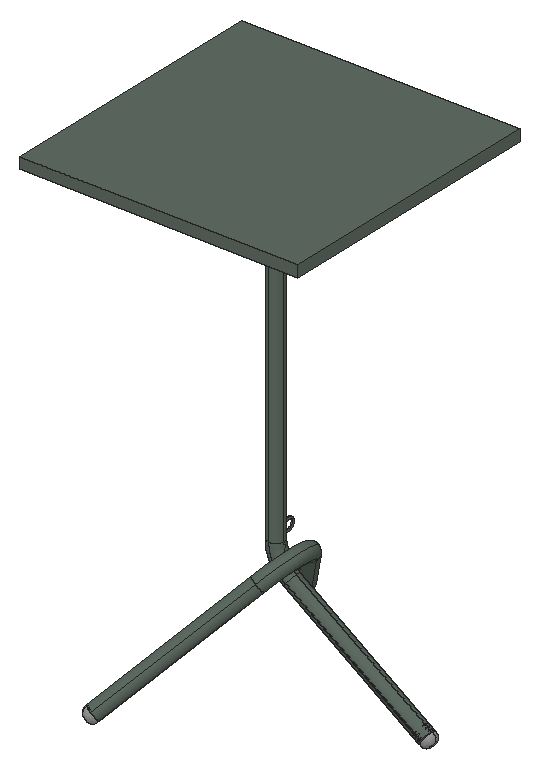
Revit family "FU_Table_Sandler_Momo 2", category Furniture, Revit 2020
Family settings
  OmniClass Number = 23.40.20.00
  OmniClass Title = General Furniture and Specialties
  Work Plane-Based = No
  Always vertical = Yes
  Cut with Voids When Loaded = No
  Shared = No
  Room Calculation Point = No
Parameters (values of type "MOMO TABLE 2Q-600")
  URL = "https://www.sandlerseating.com/product/momo-table-2q-600/"
  Top Type = FU_Table Top_Ta-Q : 600mm Sqr Top
  Top = Metal - Powdercoat - Dark Green NCS 8010-G10Y
  Model = "MOMO TABLE 2Q-600"
  Manufacturer = "Sandler"
  Height = 1050 mm
  Frame = Metal - Powdercoat - Dark Green NCS 8010-G10Y
  Description = "Bar height table base with 60cm x 60cm / 24″ x 24″ folding top. The base is in steel treated with cataphoresis process."
  Default Elevation = 0 mm
Types (3, lengths in mm): name | URL | Top Type | Top | Model | Frame | Description
  (no name) | "https://www.sandlerseating.com/product/momo-table-2q-600/" | FU_Table Top_Ta-Q : 600mm Sqr Top | Metal - Powdercoat - Dark Green NCS 8010-G10Y | "MOMO TABLE 2Q-600" | Metal - Powdercoat - Dark Green NCS 8010-G10Y | "Bar height table base with 60cm x 60cm / 24″ x 24″ folding top. The base is in steel treated with cataphoresis process."
  MOMO TABLE 2-600 | "https://www.sandlerseating.com/product/momo-table-2-600/" | FU_Table Top_Ta : 600mm Rnd Top | Metal - Powdercoat - Dark Grey NCS 7500-N | "MOMO TABLE 2-600" | Metal - Powdercoat - Dark Grey NCS 7500-N | "Bar height table base with 60cm / 24″ diameter folding top. The base is in steel treated with cataphoresis process."
  MOMO TABLE 2Q-600 | "https://www.sandlerseating.com/product/momo-table-2q-600/" | FU_Table Top_Ta-Q : 600mm Sqr Top | Metal - Powdercoat - Dark Green NCS 8010-G10Y | "MOMO TABLE 2Q-600" | Metal - Powdercoat - Dark Green NCS 8010-G10Y | "Bar height table base with 60cm x 60cm / 24″ x 24″ folding top. The base is in steel treated with cataphoresis process."
Reference planes
  plane 1 "Center (Front/Back)": y = 0
  plane 2: z = 0
  plane 3 "Center (Left/Right)": x = 0
  plane 4 "Right": x = -450
  plane 5 "Left": x = 450
  plane 6 "Back": y = 450
  plane 7 "Front": y = -450
  plane 8 "Height": z = 1050
  plane 9 "Base height": z = 1026
  plane 10 "Legs C FRONT": through (-166.166, -1524, 17.292) normal (-0.7661, 0, 0.6427)
  plane 11: through (-143.047, -260.076, 1200) normal (-0.7592, 0.6509, 0)
Forms (mm)
  Revolve 1, solid, material "Metal - Powdercoat - Dark Green NCS 8010-G10Y" <- "Frame"
    sketch origin (-12.708, 0, 301.636) x (1, 0, 0) y (0, 0, 1)
      loop
        line (-264.8, 724.364) -> (-256.757, 709.294) -> (-251.828, 704.364) -> (-168.655, 685.896) -> (0, 685.896) -> (0, 724.364) -> (-264.8, 724.364)
      axis (0, 724.364) -> (0, 685.896)
    angle from 0 to 360
  Extrusion 2, void
    sketch origin (-12.708, 0, 1026) x (-1, 0, 0) y (0, -1, 0)
      loop
        line (201.942, -175.059) -> (112.732, -78.902)
        arc (112.732, -78.902) -> (109.165, -73.056) -> (108.159, -66.282) r 17.222
        line (108.159, -66.282) -> (108.159, 72.69)
        arc (108.159, 72.69) -> (109.53, 79.816) -> (113.448, 85.924) r 19.204
        line (113.448, 85.924) -> (202.439, 182.266) -> (177.636, 205.176) -> (81.282, 115.635)
        arc (81.282, 115.635) -> (75.653, 112.276) -> (69.143, 111.513) r 15.67
        line (69.143, 111.513) -> (-69.143, 111.513)
        arc (-69.143, 111.513) -> (-75.653, 112.276) -> (-81.282, 115.635) r 15.67
        line (-81.282, 115.635) -> (-177.636, 205.176) -> (-202.439, 182.266) -> (-113.448, 85.924)
        arc (-113.448, 85.924) -> (-109.53, 79.816) -> (-108.159, 72.69) r 19.204
        line (-108.159, 72.69) -> (-108.159, -66.282)
        arc (-108.159, -66.282) -> (-109.165, -73.056) -> (-112.732, -78.902) r 17.222
        line (-112.732, -78.902) -> (-201.942, -175.059) -> (-177.703, -199.297) -> (-82.57, -110.587)
        arc (-82.57, -110.587) -> (-76.359, -106.667) -> (-69.143, -105.295) r 19.697
        line (-69.143, -105.295) -> (69.137, -105.295)
        arc (69.137, -105.295) -> (76.356, -106.666) -> (82.57, -110.587) r 19.697
        line (82.57, -110.587) -> (177.703, -199.297) -> (201.942, -175.059)
      loop
        line (-280, 280) -> (-280, -280) -> (280, -280) -> (280, 280) -> (-280, 280)
    from -45 to 0
  Sweep 3, solid, material "Metal - Powdercoat - Dark Green NCS 8010-G10Y" <- "Frame"
    path origin (0, 0, 0) x (1, 0, 0) y (0, 0, 1)
      loop
        line (327.164, 18.489) -> (36.213, 220.568)
        arc (36.213, 220.568) -> (9.606, 250.509) -> (0, 289.396) r 83.515
        line (0, 289.396) -> (0, 1005.396)
    profile "Pro_Circles : 35mm" origin (181.689, 0, 119.528) x (-0.570453, 0, -0.82133) y (0, -1, 0)
      loop
        arc (-17.467, 0.067) -> (-12.418, -12.323) -> (-0.066, -17.467) r 17.401
        arc (-0.066, -17.467) -> (12.371, -12.371) -> (17.467, 0.067) r 17.401
        arc (17.467, 0.067) -> (12.323, 12.418) -> (-0.067, 17.467) r 17.4
        arc (-0.067, 17.467) -> (-12.37, 12.37) -> (-17.467, 0.067) r 17.4
  Sweep 4, solid, material "Metal - Powdercoat - Dark Green NCS 8010-G10Y" <- "Frame"
    path origin (-106.045, 0, 88.959) x (-0.642691, 0, -0.766126) y (0, -1, 0)
      loop
        line (92.044, 285.976) -> (-193.747, 71.734)
        arc (-193.747, 71.734) -> (-229.624, 0) -> (-193.747, -71.734) r 89.652
        line (-193.747, -71.734) -> (92.044, -285.976)
    profile "Pro_Circles : 35mm" origin (-73.363, -178.855, 127.918) x (-0.385499, 0.800135, -0.459537) y (-0.766126, 0, 0.642691)
      loop
        arc (-17.467, 0.067) -> (-12.418, -12.323) -> (-0.066, -17.467) r 17.401
        arc (-0.066, -17.467) -> (12.371, -12.371) -> (17.467, 0.067) r 17.401
        arc (17.467, 0.067) -> (12.323, 12.418) -> (-0.067, 17.467) r 17.4
        arc (-0.067, 17.467) -> (-12.37, 12.37) -> (-17.467, 0.067) r 17.4
  Extrusion 5, solid, material "Metal - Powdercoat - Dark Green NCS 8010-G10Y" <- "Frame"
    sketch origin (0, 0, 0) x (0, 1, 0) y (0, 0, 1)
      loop
        line (16.217, 315.041) -> (16.217, 289.396) -> (35.058, 289.396)
        arc (35.058, 289.396) -> (43.543, 292.911) -> (47.058, 301.396) r 12
        line (47.058, 301.396) -> (47.058, 303.041)
        arc (47.058, 303.041) -> (43.543, 311.527) -> (35.058, 315.041) r 12
        line (35.058, 315.041) -> (16.217, 315.041)
      loop
        circle (34.235, 302.219) r 10
    from -1.242 to 1.8
  Revolve 6, solid, material "Rubber, Black"
    sketch origin (0, 0, 0) x (1, 0, 0) y (0, 0, 1)
      loop
        line (311.024, 29.78) -> (303.314, 18.759) -> (303.914, 15.387) -> (307.574, 20.618) -> (310.82, 18.347) -> (308.551, 15.105) -> (309.158, 11.698) -> (312.827, 16.942) -> (316.073, 14.672) -> (313.794, 11.415) -> (314.401, 8.009) -> (318.08, 13.267) -> (321.726, 10.716) -> (317.779, 5.075)
        arc (317.779, 5.075) -> (317.683, 4.669) -> (317.892, 4.308) r 0.564
        arc (317.892, 4.308) -> (326.886, 0.034) -> (336.519, 2.557) r 14.522
        line (336.519, 2.557) -> (340.927, 8.858) -> (311.024, 29.78)
      axis (311.024, 29.78) -> (340.927, 8.858)
    angle from 0 to 360
  Revolve 7, solid, material "Rubber, Black"
    sketch origin (48.015, 37.077, 0) x (-0.650907, 0.759158, 0) y (0, 0, 1)
      loop
        line (311.024, 29.78) -> (303.314, 18.759) -> (303.914, 15.387) -> (307.574, 20.618) -> (310.82, 18.347) -> (308.551, 15.105) -> (309.158, 11.698) -> (312.827, 16.942) -> (316.073, 14.672) -> (313.794, 11.415) -> (314.401, 8.009) -> (318.08, 13.267) -> (321.726, 10.716) -> (317.779, 5.075)
        arc (317.779, 5.075) -> (317.683, 4.669) -> (317.892, 4.308) r 0.564
        arc (317.892, 4.308) -> (326.886, 0.034) -> (336.519, 2.557) r 14.522
        line (336.519, 2.557) -> (340.927, 8.858) -> (311.024, 29.78)
      axis (311.024, 29.78) -> (340.927, 8.858)
    angle from 0 to 360
  Revolve 8, solid, material "Rubber, Black"
    sketch origin (48.015, -37.077, 0) x (-0.650907, -0.759158, 0) y (0, 0, -1)
      loop
        line (311.024, -29.78) -> (340.927, -8.858) -> (336.519, -2.557)
        arc (336.519, -2.557) -> (326.886, -0.034) -> (317.892, -4.308) r 14.522
        arc (317.892, -4.308) -> (317.683, -4.669) -> (317.779, -5.075) r 0.564
        line (317.779, -5.075) -> (321.726, -10.716) -> (318.08, -13.267) -> (314.401, -8.009) -> (313.794, -11.415) -> (316.073, -14.672) -> (312.827, -16.942) -> (309.158, -11.698) -> (308.551, -15.105) -> (310.82, -18.347) -> (307.574, -20.618) -> (303.914, -15.387) -> (303.314, -18.759) -> (311.024, -29.78)
      axis (311.024, -29.78) -> (340.927, -8.858)
    angle from 0 to 360
  Extrusion 9, solid, material "Metal - Powdercoat - Dark Green NCS 8010-G10Y" <- "Frame"
    sketch origin (-12.708, 0, 1026) x (-0.707107, -0.707107, 0) y (0.707107, -0.707107, 0)
      loop
        line (46.85, -55.555) -> (184.329, -55.555)
        arc (184.329, -55.555) -> (196.49, -43.394) -> (184.329, -31.233) r 12.161
        line (184.329, -31.233) -> (59.228, -31.233)
        arc (59.228, -31.233) -> (55.401, -30.472) -> (52.157, -28.305) r 10
        line (52.157, -28.305) -> (33.094, -9.242) -> (14.745, -27.591) -> (39.779, -52.626)
        arc (39.779, -52.626) -> (43.023, -54.794) -> (46.85, -55.555) r 10
    from 0 to -40
  Extrusion 10, void
    sketch origin (-12.708, 0, 283.514) x (0.707107, 0.707107, 0) y (0, 0, 1)
      loop
        line (-203.221, 736.055) -> (-203.221, 701.532) -> (-149.025, 701.532)
        arc (-149.025, 701.532) -> (-147.227, 702.309) -> (-146.562, 704.151) r 2.467
        arc (-146.562, 704.151) -> (-146.108, 705.763) -> (-144.587, 706.464) r 2
        line (-144.587, 706.464) -> (-7.409, 706.464) -> (-7.409, 721.259) -> (-144.587, 721.259)
        arc (-144.587, 721.259) -> (-146.001, 721.845) -> (-146.587, 723.259) r 2
        line (-146.587, 723.259) -> (-146.587, 733.597)
        arc (-146.587, 733.597) -> (-147.307, 735.335) -> (-149.045, 736.055) r 2.458
        line (-149.045, 736.055) -> (-203.221, 736.055)
      loop
        line (-207.304, 742.486) -> (-207.304, 697.486) -> (-4.874, 697.486) -> (-4.874, 742.486) -> (-207.304, 742.486)
    from -60 to -7
Cuts and joins
  Extrusion 2 cuts Revolve 1
  joined: Sweep 3, Extrusion 5
  Extrusion 10 cuts Extrusion 9
Dimensions and locks
  equal spacing: plane 4 "Right", plane 3 "Center (Left/Right)", plane 5 "Left"
  plane 4 "Right" to plane 5 "Left" = 900 mm
  equal spacing: plane 6 "Back", plane 1 "Center (Front/Back)", plane 7 "Front"
  plane 6 "Back" to plane 7 "Front" = 900 mm
  "Height": plane 8 "Height" to level
  locked: plane 8 "Height" to plane 9 "Base height" at 24
  aligned and locked: level to plane 2
  aligned and locked: cut or joined group of Revolve 1, Extrusion 2 to plane 9 "Base height"  (x2)
  aligned and locked: plane 9 "Base height" to Extrusion 10
  aligned and locked: plane 9 "Base height" to Extrusion 9
Automatic sketch dimensions
  Revolve 1 sketch curve to plane 3 "Center (Left/Right)" = 12.708 mm  (x2)
  Revolve 1 sketch curve to plane 9 "Base height" = 38.469 mm
  Revolve 1 sketch curve to plane 3 "Center (Left/Right)" = 181.363 mm
  Revolve 1 sketch curve to plane 9 "Base height" = 20 mm
  Revolve 1 sketch curve to Revolve 1 sketch curve = 83.173 mm
  Revolve 1 sketch curve to plane 9 "Base height" = 15.07 mm
  Revolve 1 sketch curve to Revolve 1 sketch curve = 4.93 mm
  plane 9 "Base height" to Revolve 1 sketch curve = 0 mm
  Revolve 1 sketch curve to Revolve 1 sketch curve = 8.043 mm
  Revolve 1 sketch curve to Revolve 1 sketch curve = 26.531 mm
  plane 8 "Height" to Revolve 1 sketch curve = 10 mm
  Sweep 3 sketch curve to plane 3 "Center (Left/Right)" = 0 mm
  plane 3 "Center (Left/Right)" to Sweep 3 sketch curve = 36.213 mm
  Sweep 3 sketch curve to Sweep 3 sketch curve = 83.515 mm
  level to Sweep 3 sketch curve = 220.568 mm
  level to Sweep 3 sketch curve = 18.489 mm
  plane 5 "Left" to Sweep 3 sketch curve = 122.836 mm
  Sweep 3 sketch curve to plane 9 "Base height" = 20.604 mm
  plane 1 "Center (Front/Back)" to Sweep 4 sketch curve = 0 mm
  plane 1 "Center (Front/Back)" to Sweep 4 sketch curve = 71.734 mm
  Sweep 4 sketch curve to plane 1 "Center (Front/Back)" = 71.734 mm
  Sweep 4 sketch curve to Sweep 4 sketch curve = 53.775 mm
  Sweep 4 sketch curve to plane 6 "Back" = 164.024 mm
  Sweep 4 sketch curve to Sweep 4 sketch curve = 285.791 mm  (x2)
  plane 7 "Front" to Sweep 4 sketch curve = 164.024 mm
  Extrusion 5 sketch curve to plane 1 "Center (Front/Back)" = 16.217 mm
  Extrusion 5 sketch curve to Extrusion 5 sketch curve = 18.018 mm
  Extrusion 5 sketch curve to Extrusion 5 sketch curve = 0.823 mm  (x3)
  Extrusion 5 sketch curve to Extrusion 5 sketch curve = 12 mm
  level to Extrusion 5 sketch curve = 289.396 mm
  Extrusion 5 sketch curve to Extrusion 5 sketch curve = 1.645 mm
  level to Revolve 6 sketch curve = 18.759 mm
  plane 5 "Left" to Revolve 6 sketch curve = 146.686 mm
  level to Revolve 6 sketch curve = 15.387 mm
  Revolve 6 sketch curve to Revolve 6 sketch curve = 0.601 mm
  level to Revolve 6 sketch curve = 20.618 mm
  Revolve 6 sketch curve to Revolve 6 sketch curve = 4.26 mm
  level to Revolve 6 sketch curve = 15.105 mm
  Revolve 6 sketch curve to Revolve 6 sketch curve = 4.637 mm
  level to Revolve 6 sketch curve = 11.698 mm
  Revolve 6 sketch curve to Revolve 6 sketch curve = 0.607 mm  (x2)
  level to Revolve 6 sketch curve = 29.78 mm  (x2)
  Revolve 6 sketch curve to Revolve 6 sketch curve = 3.45 mm
  level to Revolve 6 sketch curve = 16.942 mm
  Revolve 6 sketch curve to Revolve 6 sketch curve = 2.008 mm  (x2)
  level to Revolve 6 sketch curve = 11.415 mm
  Revolve 6 sketch curve to Revolve 6 sketch curve = 4.636 mm
  level to Revolve 6 sketch curve = 8.009 mm
  level to Revolve 6 sketch curve = 5.075 mm
  Revolve 6 sketch curve to Revolve 6 sketch curve = 3.378 mm
  level to Revolve 6 sketch curve = 13.267 mm
  Revolve 6 sketch curve to Revolve 6 sketch curve = 0.462 mm
  Revolve 6 sketch curve to Revolve 6 sketch curve = 6.52 mm
  level to Revolve 6 sketch curve = 2.557 mm
  Revolve 6 sketch curve to Revolve 6 sketch curve = 8.273 mm
  Revolve 6 sketch curve to Revolve 6 sketch curve = 0.323 mm
  Revolve 6 sketch curve to Revolve 6 sketch curve = 3.775 mm
  Revolve 6 sketch curve to Revolve 6 sketch curve = 0 mm  (x2)
  level to Revolve 6 sketch curve = 8.858 mm
  level to Revolve 7 sketch curve = 18.759 mm
  level to Revolve 7 sketch curve = 15.387 mm
  Revolve 7 sketch curve to Revolve 7 sketch curve = 0.601 mm
  level to Revolve 7 sketch curve = 20.618 mm
  Revolve 7 sketch curve to Revolve 7 sketch curve = 4.26 mm
  level to Revolve 7 sketch curve = 15.105 mm
  Revolve 7 sketch curve to Revolve 7 sketch curve = 4.637 mm
  level to Revolve 7 sketch curve = 11.698 mm
  Revolve 7 sketch curve to Revolve 7 sketch curve = 0.607 mm  (x2)
  level to Revolve 7 sketch curve = 29.78 mm  (x2)
  Revolve 7 sketch curve to Revolve 7 sketch curve = 3.45 mm
  level to Revolve 7 sketch curve = 16.942 mm
  Revolve 7 sketch curve to Revolve 7 sketch curve = 2.008 mm  (x2)
  level to Revolve 7 sketch curve = 11.415 mm
  Revolve 7 sketch curve to Revolve 7 sketch curve = 4.636 mm
  level to Revolve 7 sketch curve = 8.009 mm
  level to Revolve 7 sketch curve = 5.075 mm
  Revolve 7 sketch curve to Revolve 7 sketch curve = 3.378 mm
  level to Revolve 7 sketch curve = 13.267 mm
  Revolve 7 sketch curve to Revolve 7 sketch curve = 0.462 mm
  Revolve 7 sketch curve to Revolve 7 sketch curve = 6.52 mm
  level to Revolve 7 sketch curve = 2.557 mm
  Revolve 7 sketch curve to Revolve 7 sketch curve = 8.273 mm
  Revolve 7 sketch curve to Revolve 7 sketch curve = 0.323 mm
  Revolve 7 sketch curve to Revolve 7 sketch curve = 3.775 mm
  Revolve 7 sketch curve to Revolve 7 sketch curve = 0 mm  (x2)
  level to Revolve 7 sketch curve = 8.858 mm
  level to Revolve 8 sketch curve = 18.759 mm
  level to Revolve 8 sketch curve = 15.387 mm
  Revolve 8 sketch curve to Revolve 8 sketch curve = 0.601 mm
  level to Revolve 8 sketch curve = 20.618 mm
  Revolve 8 sketch curve to Revolve 8 sketch curve = 4.26 mm
  level to Revolve 8 sketch curve = 15.105 mm
  Revolve 8 sketch curve to Revolve 8 sketch curve = 4.637 mm
  level to Revolve 8 sketch curve = 11.698 mm
  Revolve 8 sketch curve to Revolve 8 sketch curve = 0.607 mm  (x2)
  level to Revolve 8 sketch curve = 29.78 mm  (x2)
  Revolve 8 sketch curve to Revolve 8 sketch curve = 3.45 mm
  level to Revolve 8 sketch curve = 16.942 mm
  Revolve 8 sketch curve to Revolve 8 sketch curve = 2.008 mm  (x2)
  level to Revolve 8 sketch curve = 11.415 mm
  Revolve 8 sketch curve to Revolve 8 sketch curve = 4.636 mm
  level to Revolve 8 sketch curve = 8.009 mm
  level to Revolve 8 sketch curve = 5.075 mm
  Revolve 8 sketch curve to Revolve 8 sketch curve = 3.378 mm
  level to Revolve 8 sketch curve = 13.267 mm
  Revolve 8 sketch curve to Revolve 8 sketch curve = 0.462 mm
  Revolve 8 sketch curve to Revolve 8 sketch curve = 6.52 mm
  level to Revolve 8 sketch curve = 2.557 mm
  Revolve 8 sketch curve to Revolve 8 sketch curve = 8.273 mm
  Revolve 8 sketch curve to Revolve 8 sketch curve = 3.775 mm
  Revolve 8 sketch curve to Revolve 8 sketch curve = 0.323 mm
  Revolve 8 sketch curve to Revolve 8 sketch curve = 0 mm  (x2)
  level to Revolve 8 sketch curve = 8.858 mm
  plane 5 "Left" to Extrusion 2 sketch curve = 182.708 mm
  Extrusion 2 sketch curve to Extrusion 2 sketch curve = 77.561 mm
  Extrusion 2 sketch curve to Extrusion 2 sketch curve = 78.058 mm
  Extrusion 2 sketch curve to Extrusion 2 sketch curve = 24.238 mm  (x4)
  Extrusion 2 sketch curve to Extrusion 2 sketch curve = 24.802 mm  (x2)
  plane 3 "Center (Left/Right)" to Extrusion 2 sketch curve = 114.655 mm
  plane 3 "Center (Left/Right)" to Extrusion 2 sketch curve = 112.649 mm
  Extrusion 2 sketch curve to Extrusion 2 sketch curve = 13.915 mm
  Extrusion 2 sketch curve to Extrusion 2 sketch curve = 12.625 mm  (x2)
  Extrusion 2 sketch curve to Extrusion 2 sketch curve = 4.573 mm  (x2)
  Extrusion 2 sketch curve to Extrusion 2 sketch curve = 30.162 mm
  Extrusion 2 sketch curve to Extrusion 2 sketch curve = 32.165 mm
  Extrusion 2 sketch curve to Extrusion 2 sketch curve = 10.667 mm
  Extrusion 2 sketch curve to Extrusion 2 sketch curve = 12.14 mm  (x2)
  Extrusion 2 sketch curve to Extrusion 2 sketch curve = 13.427 mm
  Extrusion 2 sketch curve to Extrusion 2 sketch curve = 13.433 mm  (x2)
  Extrusion 2 sketch curve to plane 3 "Center (Left/Right)" = 81.845 mm
  Extrusion 2 sketch curve to plane 3 "Center (Left/Right)" = 81.851 mm
  Extrusion 2 sketch curve to Extrusion 2 sketch curve = 1.472 mm
  Extrusion 2 sketch curve to Extrusion 2 sketch curve = 25.589 mm  (x2)
  Extrusion 2 sketch curve to plane 1 "Center (Front/Back)" = 78.902 mm
  plane 1 "Center (Front/Back)" to Extrusion 2 sketch curve = 85.924 mm
  Extrusion 2 sketch curve to Extrusion 2 sketch curve = 5.289 mm
  Extrusion 2 sketch curve to Extrusion 2 sketch curve = 19.204 mm
  Extrusion 2 sketch curve to Extrusion 2 sketch curve = 96.354 mm
  Extrusion 2 sketch curve to Extrusion 2 sketch curve = 95.133 mm
  Extrusion 2 sketch curve to Extrusion 2 sketch curve = 102.297 mm
  Extrusion 2 sketch curve to plane 1 "Center (Front/Back)" = 105.295 mm
  Extrusion 2 sketch curve to Extrusion 2 sketch curve = 5.291 mm  (x2)
  Extrusion 2 sketch curve to Extrusion 2 sketch curve = 96.157 mm
  Extrusion 2 sketch curve to Extrusion 2 sketch curve = 64.472 mm
  Extrusion 2 sketch curve to Extrusion 2 sketch curve = 80.703 mm
  Extrusion 2 sketch curve to Extrusion 2 sketch curve = 31.685 mm
  Extrusion 2 sketch curve to Extrusion 2 sketch curve = 11.713 mm  (x2)
  plane 1 "Center (Front/Back)" to Extrusion 2 sketch curve = 72.69 mm
  Extrusion 2 sketch curve to Extrusion 2 sketch curve = 4.122 mm  (x2)
  Extrusion 2 sketch curve to Extrusion 2 sketch curve = 96.342 mm  (x2)
  Extrusion 2 sketch curve to Extrusion 2 sketch curve = 97.734 mm
  Extrusion 9 sketch curve to plane 1 "Center (Front/Back)" = 9.084 mm
  Extrusion 9 sketch curve to plane 3 "Center (Left/Right)" = 42.644 mm
  Extrusion 9 sketch curve to Extrusion 9 sketch curve = 18.35 mm
  Extrusion 9 sketch curve to Extrusion 9 sketch curve = 25.035 mm
  Extrusion 9 sketch curve to Extrusion 9 sketch curve = 7.071 mm  (x2)
  Extrusion 9 sketch curve to Extrusion 9 sketch curve = 5.307 mm
  Extrusion 9 sketch curve to Extrusion 9 sketch curve = 125.101 mm
  Extrusion 9 sketch curve to Extrusion 9 sketch curve = 0.713 mm
  Extrusion 9 sketch curve to Extrusion 9 sketch curve = 2.929 mm
  Extrusion 9 sketch curve to Extrusion 9 sketch curve = 12.161 mm
  Extrusion 10 sketch curve to plane 8 "Height" = 69 mm
  Extrusion 10 sketch curve to Extrusion 10 sketch curve = 4.082 mm
  Extrusion 10 sketch curve to plane 8 "Height" = 32.889 mm
  Extrusion 10 sketch curve to Extrusion 10 sketch curve = 54.177 mm
  Extrusion 10 sketch curve to Extrusion 10 sketch curve = 0.02 mm
  Extrusion 10 sketch curve to Extrusion 10 sketch curve = 2.458 mm
  Extrusion 10 sketch curve to Extrusion 10 sketch curve = 4.438 mm
  Extrusion 10 sketch curve to Extrusion 10 sketch curve = 2 mm  (x2)
  Extrusion 10 sketch curve to plane 8 "Height" = 45.227 mm
  Extrusion 10 sketch curve to Extrusion 10 sketch curve = 137.178 mm
  Extrusion 10 sketch curve to Extrusion 10 sketch curve = 2.535 mm
  Extrusion 10 sketch curve to Extrusion 10 sketch curve = 4.046 mm
  Extrusion 10 sketch curve to Extrusion 10 sketch curve = 2.467 mm
  Extrusion 10 sketch curve to Extrusion 10 sketch curve = 0.465 mm
  Extrusion 10 sketch curve to plane 8 "Height" = 24 mm
  radius of Extrusion 5 sketch curve = 10 mm
Nested families
  nested 1: "FU_Table Top_Ta-Q" at (-12.708, 0, 310), type <- "Top Type", Top <- "Top", type "600mm Sqr Top"
    with Top Metal - Powdercoat - Dark Green NCS 8010-G10Y
Definition of nested family "FU_Table Top_Ta-Q"
  Parameters (values of type "700mm Sqr Top")
    Width = 700 mm
    URL = "https://www.sandlerseating.com/range/momo/"
    Top [instance] = none
    Model = "Q-700"
    Manufacturer = "Sandler"
    Elevation = 740 mm
    Description = "700mm / 27.5\" Square top for Momo Table"
    Depth = Width  # 700 mm
    Default Elevation = 0 mm
  Types (2, lengths in mm): name | Width | Model | Description | Depth
    600mm Sqr Top | 600 | "Q-600" | "600mm / 23.6\" Square top for Momo Table" | 600
    700mm Sqr Top | 700 | "Q-700" | "700mm / 27.5\" Square top for Momo Table" | 700
  Reference planes
    plane 1 "Center (Front/Back)": y = 0
    plane 2: z = 0
    plane 3 "Center (Left/Right)": x = 0
    plane 4 "Right": x = -350
    plane 5 "Left": x = 350
    plane 6 "Back": y = 350
    plane 7 "Front": y = -350
    plane 8 "Height": z = 740
    plane 9 "Table Thickness": z = 716
  Forms (mm)
    Extrusion 1, solid, material <- "Top"
      sketch origin (0, 0, 740) x (-1, 0, 0) y (0, -1, 0)
        loop
          line (350, -350) -> (350, 350) -> (-350, 350) -> (-350, -350) -> (350, -350)
      from 0 to -24
  Dimensions and locks
    equal spacing: plane 4 "Right", plane 3 "Center (Left/Right)", plane 5 "Left"
    "Width": plane 4 "Right" to plane 5 "Left"
    equal spacing: plane 6 "Back", plane 1 "Center (Front/Back)", plane 7 "Front"
    "Depth": plane 6 "Back" to plane 7 "Front"
    "Elevation": plane 8 "Height" to level
    locked: plane 8 "Height" to plane 9 "Table Thickness" at 24
    aligned and locked: level to plane 2
    aligned and locked: Extrusion 1 sketch curve to plane 6 "Back"
    aligned and locked: Extrusion 1 sketch curve to plane 4 "Right"
    aligned and locked: plane 7 "Front" to Extrusion 1 sketch curve
    aligned and locked: plane 5 "Left" to Extrusion 1 sketch curve
    aligned and locked: Extrusion 1 to plane 9 "Table Thickness"
    aligned and locked: plane 8 "Height" to Extrusion 1
    aligned and locked: Extrusion 1 to plane 8 "Height"  (x2)
